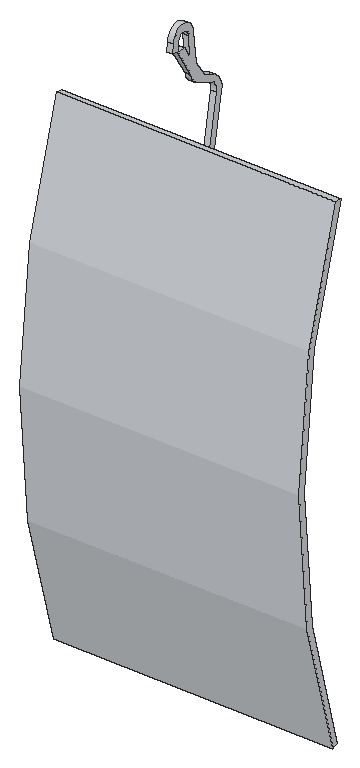
Revit family "7ft Forte Ceiling Panel Stored", category Furniture, Revit 2011
Parameters (values of type "Forte 6' Ceiling")
  URL = "http://www.wengercorp.com/Home/Contact.html"
  Toekick Material [instance] = none
  RH End Panel [instance] = no
  Model = "60"
  Manufacturer = "Wenger Corporation"
  LH End Panel [instance] = no
  End Panel Material [instance] = none
  Edge Banding Material [instance] = none
  Door Material [instance] = none
  Description = "Standard 16' Forte Tower"
  Assembly Code = ""
Reference planes (in)
  plane 1 "Top View 2D location": z = 270
  plane 2: x = 22.64221
  plane 3: x = 46.64221
  plane 4: x = 34.64221
  plane 5: y = 855.02239
  plane 6: z = 199.94228
Forms (in)
  Extrusion 1, solid
    sketch origin (58.64221, 520.55868, 790.10739) x (0, -0.313855, 0.949471) y (0, 0.949471, 0.313855)
      loop
        arc (-626.2759, 149.41058) -> (-663.40384, 128.70641) -> (-705.44013, 122.37419) r 118.99308
        line (-705.44013, 122.37419) -> (-705.38215, 121.37528)
        arc (-705.38215, 121.37528) -> (-663.16034, 127.71864) -> (-625.83311, 148.44536) r 119.98134
        line (-625.83311, 148.44536) -> (-626.2759, 149.41058)
    from 0 to 48
  Extrusion 2, solid
    sketch origin (47.39227, 553.3066, 821.37087) x (0, 0.25099, -0.96799) y (0, 0.96799, 0.25099)
      loop
        line (674.00797, 132.83014) -> (677.38539, 131.92516) -> (677.56163, 132.58292) -> (677.27009, 136.39071) -> (676.32685, 136.64345) -> (674.17486, 133.45299) -> (674.00797, 132.83014)
    from 0 to 0.25
  Extrusion 3, solid
    sketch origin (45.64221, 553.3066, 821.37087) x (0, 0.25099, -0.96799) y (0, 0.96799, 0.25099)
      loop
        line (674.00797, 132.83014) -> (677.38539, 131.92516) -> (677.56163, 132.58292) -> (677.27009, 136.39071) -> (676.32685, 136.64345) -> (674.17486, 133.45299) -> (674.00797, 132.83014)
    from 0 to 0.25
  Extrusion 4, solid
    sketch origin (23.39227, 553.3066, 821.37087) x (0, 0.25099, -0.96799) y (0, 0.96799, 0.25099)
      loop
        line (674.00797, 132.83014) -> (677.38539, 131.92516) -> (677.56163, 132.58292) -> (677.27009, 136.39071) -> (676.32685, 136.64345) -> (674.17486, 133.45299) -> (674.00797, 132.83014)
    from 0 to 0.25
  Extrusion 5, solid
    sketch origin (21.64221, 553.3066, 821.37087) x (0, 0.25099, -0.96799) y (0, 0.96799, 0.25099)
      loop
        line (674.00797, 132.83014) -> (677.38539, 131.92516) -> (677.56163, 132.58292) -> (677.27009, 136.39071) -> (676.32685, 136.64345) -> (674.17486, 133.45299) -> (674.00797, 132.83014)
    from 0 to 0.25
  Extrusion 6, solid
    sketch origin (47.64221, 177.94081, 64.71877) x (0, -1, 0) y (0, 0, 1)
      loop
        line (-676.08984, 136.22351) -> (-677.08984, 136.22351) -> (-677.08984, 135.22351) -> (-676.08984, 135.22351) -> (-676.08984, 136.22351)
    from -0.00006 to 26
  Extrusion 7, solid
    sketch origin (35.14221, 177.94081, 64.71877) x (0, -1, 0) y (0, 0, 1)
      loop
        line (-676.08984, 136.22351) -> (-676.08984, 142.15091) -> (-683.74531, 184.74649)
        arc (-683.74531, 184.74649) -> (-683.52247, 186.04739) -> (-682.53733, 186.92575) r 1.99868
        line (-682.53733, 186.92575) -> (-679.18968, 188.30833)
        arc (-679.18968, 188.30833) -> (-678.51213, 188.86132) -> (-678.25322, 189.69669) r 1.51471
        line (-678.25322, 189.69669) -> (-678.22809, 189.98616) -> (-678.11876, 189.92046) -> (-675.41481, 194.42059) -> (-675.61622, 194.54161) -> (-676.79761, 194.54161) -> (-678.02626, 192.52702) -> (-677.71045, 196.13677)
        arc (-677.71045, 196.13677) -> (-676.60544, 197.16721) -> (-675.46514, 196.17596) r 1.12901
        line (-675.46514, 196.17596) -> (-675.28077, 194.67438) -> (-674.29725, 194.79514) -> (-674.47868, 196.27279)
        arc (-674.47868, 196.27279) -> (-676.48611, 198.40857) -> (-678.68271, 196.46788) r 2.10527
        line (-678.68271, 196.46788) -> (-679.13378, 191.31212) -> (-681.0882, 188.62209) -> (-683.26307, 187.69892) -> (-683.58867, 187.4793) -> (-683.92627, 187.17532) -> (-684.22577, 186.8184) -> (-684.46298, 186.45311) -> (-684.66827, 185.88909) -> (-684.74174, 185.54344) -> (-684.77793, 185.12974) -> (-684.72834, 184.56291) -> (-677.11492, 142.20128) -> (-677.10486, 142.08627) -> (-677.08984, 141.91467) -> (-677.08984, 136.22351) -> (-676.08984, 136.22351)
    from 0 to 1
Dimensions and locks (in)
  equal spacing: plane 2, plane 4, plane 3, locked at 12 each
  Extrusion 1 sketch curve to Extrusion 1 sketch curve = 0' - 1.06193"
  locked: Extrusion 1 sketch curve to Extrusion 1 sketch curve at 1.00059
  Extrusion 1 to Extrusion 5 to Extrusion 4 to Extrusion 7 to Extrusion 7 to Extrusion 3 to Extrusion 2 to Extrusion 1 = 0' - 11 1/4", 0' - 1.75006" locked, 0' - 10.49994" locked, 0' - 1" locked, 0' - 10 1/2" locked, 0' - 1.75006" locked, 0' - 11.24994"
  locked: Extrusion 2 to Extrusion 2 at 0.25
  locked: Extrusion 3 to Extrusion 3 at 0.25
  Extrusion 7 to Extrusion 7 = 0' - 1"
  locked: Extrusion 4 to Extrusion 4 at 0.25
  locked: Extrusion 5 to Extrusion 5 at 0.25
  plane 5 to Extrusion 7 = 0' - 7.69636"
  Extrusion 2 to plane 6 = 0' - 1.04742"
  locked: Extrusion 7 to plane 5 at 0.99174
  locked: Extrusion 6 to plane 6 at 1
  Extrusion 7 to plane 6 = 5' - 3.18732"
  radius of Extrusion 1 sketch curve = 9' - 10.99308"
Automatic sketch dimensions
  Extrusion 6 sketch curve to plane 1 "Top View 2D location" = 5' - 10.05772"
  Extrusion 6 sketch curve to Extrusion 6 sketch curve = 0' - 1"  (x2)
  Extrusion 7 sketch curve to Extrusion 7 sketch curve = 0' - 0.10934"
  Extrusion 7 sketch curve to Extrusion 7 sketch curve = 0' - 0.13446"
  Extrusion 7 sketch curve to Extrusion 7 sketch curve = 0' - 0.97226"
  Extrusion 7 sketch curve to Extrusion 7 sketch curve = 0' - 0.90568"
  Extrusion 7 sketch curve to Extrusion 7 sketch curve = 0' - 0.93646"
  Extrusion 7 sketch curve to Extrusion 7 sketch curve = 0' - 0.5782"
  Extrusion 7 sketch curve to Extrusion 7 sketch curve = 0' - 1 41/128"
  Extrusion 7 sketch curve to Extrusion 7 sketch curve = 0' - 0.68619"
  Extrusion 7 sketch curve to Extrusion 7 sketch curve = 0' - 0.76295"
  Extrusion 7 sketch curve to Extrusion 7 sketch curve = 0' - 0.72574"
  Extrusion 7 sketch curve to Extrusion 7 sketch curve = 0' - 0.3256"
  Extrusion 7 sketch curve to Extrusion 7 sketch curve = 0' - 1.97093"
  Extrusion 7 sketch curve to Extrusion 7 sketch curve = 0' - 0.3376"
  Extrusion 7 sketch curve to Extrusion 7 sketch curve = 0' - 0.29949"
  Extrusion 7 sketch curve to Extrusion 7 sketch curve = 0' - 0.23722"
  Extrusion 7 sketch curve to Extrusion 7 sketch curve = 0' - 0.20529"
  Extrusion 7 sketch curve to Extrusion 7 sketch curve = 0' - 0.98303"
  Extrusion 7 sketch curve to Extrusion 7 sketch curve = 0' - 0.07347"
  Extrusion 7 sketch curve to Extrusion 7 sketch curve = 0' - 0.03619"
  Extrusion 7 sketch curve to Extrusion 7 sketch curve = 0' - 0.00203"
  Extrusion 7 sketch curve to Extrusion 7 sketch curve = 0' - 1.18139"
  Extrusion 7 sketch curve to Extrusion 7 sketch curve = 0' - 1.11856"
  Extrusion 7 sketch curve to Extrusion 7 sketch curve = 0' - 0.20141"
  Extrusion 7 sketch curve to Extrusion 7 sketch curve = 0' - 0.13404"
  Extrusion 7 sketch curve to Extrusion 7 sketch curve = 0' - 0.98645"
  Extrusion 7 sketch curve to Extrusion 7 sketch curve = 0' - 0.98352"
  Extrusion 7 sketch curve to plane 1 "Top View 2D location" = 5' - 9.05772"
  Extrusion 7 sketch curve to Extrusion 7 sketch curve = 0' - 5.69116"
  Extrusion 7 sketch curve to Extrusion 7 sketch curve = 0' - 0.1716"
  Extrusion 7 sketch curve to Extrusion 7 sketch curve = 0' - 0.06464"
  Extrusion 7 sketch curve to Extrusion 7 sketch curve = 0' - 0.11501"
  Extrusion 7 sketch curve to plane 1 "Top View 2D location" = 1' - 8.71832"
  Extrusion 7 sketch curve to Extrusion 7 sketch curve = 0' - 0 47/256"
  Extrusion 7 sketch curve to Extrusion 7 sketch curve = 0' - 0.33192"
  Extrusion 7 sketch curve to Extrusion 7 sketch curve = 0' - 0.56683"
  Extrusion 7 sketch curve to Extrusion 7 sketch curve = 0' - 0.4137"
  Extrusion 7 sketch curve to Extrusion 7 sketch curve = 0' - 0.34565"
  Extrusion 7 sketch curve to Extrusion 7 sketch curve = 0' - 0.56402"
  Extrusion 7 sketch curve to Extrusion 7 sketch curve = 0' - 0.36529"
  Extrusion 7 sketch curve to Extrusion 7 sketch curve = 0' - 0.35692"
  Extrusion 7 sketch curve to Extrusion 7 sketch curve = 0' - 0.30398"
  Extrusion 7 sketch curve to Extrusion 7 sketch curve = 0' - 0.21962"
  Extrusion 7 sketch curve to Extrusion 7 sketch curve = 0' - 1.38258"
  Extrusion 7 sketch curve to Extrusion 7 sketch curve = 0' - 0.31376"
  Extrusion 7 sketch curve to Extrusion 7 sketch curve = 0' - 1.38836"
  Extrusion 7 sketch curve to Extrusion 7 sketch curve = 0' - 0.22378"
  Extrusion 7 sketch curve to Extrusion 7 sketch curve = 0' - 0.0657"
  Extrusion 7 sketch curve to Extrusion 7 sketch curve = 0' - 1.32597"
  Extrusion 7 sketch curve to Extrusion 7 sketch curve = 0' - 1.2149"
  Extrusion 7 sketch curve to Extrusion 7 sketch curve = 0' - 0.25378"
  Extrusion 7 sketch curve to Extrusion 7 sketch curve = 0' - 0.12076"
  Extrusion 7 sketch curve to Extrusion 7 sketch curve = 0' - 0.13759"
  Extrusion 7 sketch curve to Extrusion 7 sketch curve = 0' - 0.26719"
  Extrusion 7 sketch curve to plane 1 "Top View 2D location" = 0' - 8.81335"
  Extrusion 7 sketch curve to Extrusion 7 sketch curve = 0' - 0.45107"
  Extrusion 7 sketch curve to Extrusion 7 sketch curve = 0' - 1.10752"
  Extrusion 7 sketch curve to Extrusion 7 sketch curve = 0' - 0.01006"
  Extrusion 7 sketch curve to Extrusion 7 sketch curve = 0' - 0.01501"
  Extrusion 7 sketch curve to Extrusion 7 sketch curve = 0' - 0.91284"
  Extrusion 7 sketch curve to Extrusion 7 sketch curve = 0' - 1"
  plane 5 to Extrusion 6 sketch curve = 0' - 0.00826"
  plane 5 to Extrusion 7 sketch curve = 0' - 7.69636"
  plane 5 to Extrusion 7 sketch curve = 0' - 0.03334"
  plane 5 to Extrusion 1 sketch curve = 0' - 3.13303"
  Extrusion 1 sketch curve to plane 6 = 3' - 5.22198"
  Extrusion 1 sketch curve to Extrusion 1 sketch curve = 0' - 0.05798"
  Extrusion 1 sketch curve to Extrusion 1 sketch curve = 0' - 3.57842"
  Extrusion 1 sketch curve to Extrusion 1 sketch curve = 0' - 0.04908"
  Extrusion 1 sketch curve to Extrusion 1 sketch curve = 6' - 7.16423"
  Extrusion 1 sketch curve to Extrusion 1 sketch curve = 0' - 0.44279"
  plane 6 to Extrusion 2 sketch curve = 0' - 2.33497"
  Extrusion 2 sketch curve to plane 5 = 0' - 3.96814"
  Extrusion 2 sketch curve to Extrusion 2 sketch curve = 0' - 0.16689"
  Extrusion 2 sketch curve to Extrusion 2 sketch curve = 0' - 2.15199"
  Extrusion 2 sketch curve to Extrusion 2 sketch curve = 0' - 0.94324"
  Extrusion 2 sketch curve to Extrusion 2 sketch curve = 0' - 3.37742"
  Extrusion 2 sketch curve to Extrusion 2 sketch curve = 0' - 0.17624"
  Extrusion 2 sketch curve to Extrusion 2 sketch curve = 0' - 0.24722"
  Extrusion 2 sketch curve to Extrusion 2 sketch curve = 0' - 3.80779"
  Extrusion 2 sketch curve to Extrusion 2 sketch curve = 0' - 0.25274"
  plane 6 to Extrusion 3 sketch curve = 0' - 2.33497"
  Extrusion 3 sketch curve to plane 5 = 0' - 3.96814"
  Extrusion 3 sketch curve to Extrusion 3 sketch curve = 0' - 0.16689"
  Extrusion 3 sketch curve to Extrusion 3 sketch curve = 0' - 2.15199"
  Extrusion 3 sketch curve to Extrusion 3 sketch curve = 0' - 0.94324"
  Extrusion 3 sketch curve to Extrusion 3 sketch curve = 0' - 3.37742"
  Extrusion 3 sketch curve to Extrusion 3 sketch curve = 0' - 0.17624"
  Extrusion 3 sketch curve to Extrusion 3 sketch curve = 0' - 0.24722"
  Extrusion 3 sketch curve to Extrusion 3 sketch curve = 0' - 3.80779"
  Extrusion 3 sketch curve to Extrusion 3 sketch curve = 0' - 0.25274"
  plane 6 to Extrusion 4 sketch curve = 0' - 2.33497"
  Extrusion 4 sketch curve to plane 5 = 0' - 3.96814"
  Extrusion 4 sketch curve to Extrusion 4 sketch curve = 0' - 0.16689"
  Extrusion 4 sketch curve to Extrusion 4 sketch curve = 0' - 2.15199"
  Extrusion 4 sketch curve to Extrusion 4 sketch curve = 0' - 0.94324"
  Extrusion 4 sketch curve to Extrusion 4 sketch curve = 0' - 3.37742"
  Extrusion 4 sketch curve to Extrusion 4 sketch curve = 0' - 0.17624"
  Extrusion 4 sketch curve to Extrusion 4 sketch curve = 0' - 0.24722"
  Extrusion 4 sketch curve to Extrusion 4 sketch curve = 0' - 3.80779"
  Extrusion 4 sketch curve to Extrusion 4 sketch curve = 0' - 0.25274"
  plane 6 to Extrusion 5 sketch curve = 0' - 2.33497"
  Extrusion 5 sketch curve to plane 5 = 0' - 3.96814"
  Extrusion 5 sketch curve to Extrusion 5 sketch curve = 0' - 0.16689"
  Extrusion 5 sketch curve to Extrusion 5 sketch curve = 0' - 2.15199"
  Extrusion 5 sketch curve to Extrusion 5 sketch curve = 0' - 0.94324"
  Extrusion 5 sketch curve to Extrusion 5 sketch curve = 0' - 3.37742"
  Extrusion 5 sketch curve to Extrusion 5 sketch curve = 0' - 0.17624"
  Extrusion 5 sketch curve to Extrusion 5 sketch curve = 0' - 0.24722"
  Extrusion 5 sketch curve to Extrusion 5 sketch curve = 0' - 3.80779"
  Extrusion 5 sketch curve to Extrusion 5 sketch curve = 0' - 0.25274"
Nested families (in)
  nested 1: "Labels" at (34.95498, 846.31082, 0), type "7'"
Definition of nested family "Labels"
  Parameters (values of type "Standard")
    Cabinet Label = "01"
  Types (4): name | Cabinet Label
    Standard | "01"
    Narrow | "01N"
    Narrow Acoustic | "01NA"
    Acoustic | "01A"
  Reference planes (in)
    plane 1: y = 0
    plane 2: x = 0
  Text (in)
    label "xxxx" at (-0.00018, 0.00754, 0), shows "Cabinet Label"
